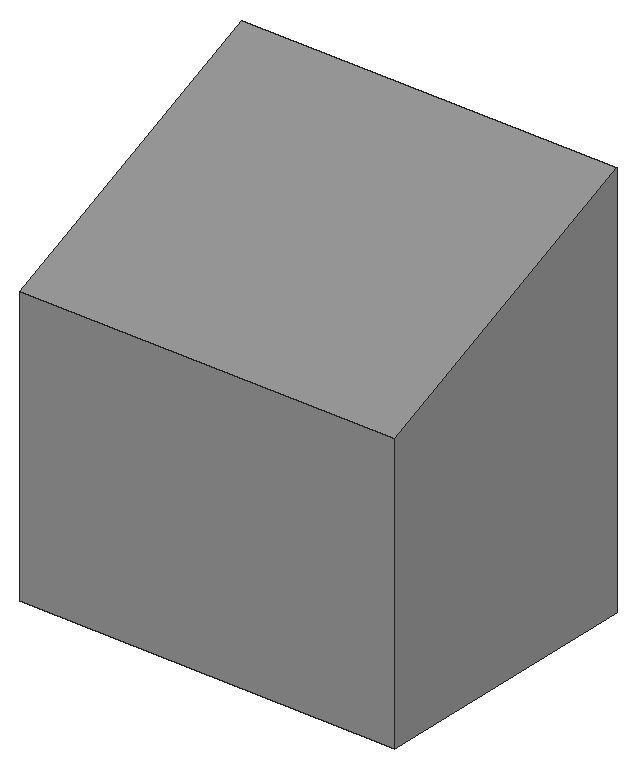
Revit family "AVLN_Ларь для грязного белья", category Мебель, Revit 2019
Family settings
  Номер OmniClass = 23.40.20.00
  Заголовок OmniClass = General Furniture and Specialties
  На основе рабочей плоскости = Нет
  Всегда вертикально = Да
  При загрузке вырезать с полостями = Нет
  Общий = Нет
  Точка расчета площади = Нет
Parameters (values of type "Ларь для грязного белья")
  Description = ""
  М.основы = Металл, окрашенный, белый, матовый
  Type Comments = ""
  Keynote = ""
  Manufacturer = ""
  Группа модели = "Оборудование поликлиники"
  Высота вспомогательная = ADSK_Размер_Высота - 260 mm  # 590 mm
  ADSK_Размер_Ширина = 590 mm
  ADSK_Размер_Длина = 800 mm
  ADSK_Размер_Высота = 850 mm
  ADSK_Примечание [instance] = ""
  ADSK_Обозначение = ""
  ADSK_Наименование = "Ларь для грязного белья, 800х590х850"
  ADSK_Масса = 0
  ADSK_Марка = ""
  ADSK_Код изделия = ""
  ADSK_Единица измерения = "шт"  # constant formula
Reference planes
  plane 1 "По центру (Вперед/Назад)": y = 0
  plane 2: z = 0
  plane 3 "По центру (Влево/Вправо)": x = 0
  plane 4: z = 850
  plane 5: y = 295
  plane 6: x = 400
  plane 7: x = -400
  plane 8: y = -295
  plane 9: y = -195
  plane 10: z = 590
Forms (mm)
  Extrusion 1, solid, material "Металл, окрашенный, белый, матовый" <- "М.основы"
    sketch origin (0, -518.993, 592.976) x (-1, 0, 0) y (0, -1, 0)
      loop
        line (-400, -813.993) -> (400, -813.993) -> (400, -223.993) -> (-400, -223.993) -> (-400, -813.993)
    from -592.976 to -2.976
  Extrusion 2, solid, material "Металл, окрашенный, белый, матовый" <- "М.основы"
    sketch origin (0, 0, 0) x (0, 1, 0) y (0, 0, 1)
      loop
        line (295, 590) -> (295, 850) -> (-295, 590) -> (295, 590)
    from -400 to 400
Cuts and joins
  joined: Extrusion 1, Extrusion 2
Lines and regions (mm)
  symbolic lines
    curve 1: line (-85, -183.364, 592.976) -> (85, -183.364, 592.976)
    curve 2: line (-85, -206.636, 592.976) -> (-85, -183.364, 592.976)
    curve 3: line (85, -206.636, 592.976) -> (-85, -206.636, 592.976)
    curve 4: line (85, -183.364, 592.976) -> (85, -206.636, 592.976)
Dimensions and locks
  plane 2 to plane 4 = 850 mm
  equal spacing: plane 8, plane 1 "По центру (Вперед/Назад)", plane 5
  equal spacing: plane 7, plane 3 "По центру (Влево/Вправо)", plane 6
  "ADSK_Размер_Длина": plane 7 to plane 6
  "ADSK_Размер_Ширина": plane 5 to plane 8
  "ADSK_Размер_Высота": plane 2 to plane 4
  locked: plane 9 to plane 8 at 100
  plane 5 to plane 9 to plane 8 = 490 mm, 100 mm
  locked: curve 4 to plane 6 at 315
  locked: plane 7 to curve 2 at 315
  equal spacing: curve 1, plane 9, curve 3
  "Высота вспомогательная": plane 2 to plane 10
  aligned and locked: level to plane 2
  aligned and locked: Extrusion 1 sketch curve to plane 5
  aligned and locked: Extrusion 1 sketch curve to plane 6
  aligned and locked: Extrusion 1 sketch curve to plane 8
  aligned and locked: Extrusion 1 sketch curve to plane 7
  aligned and locked: Extrusion 1 to plane 2
  aligned and locked: plane 10 to Extrusion 1
  aligned and locked: Extrusion 2 sketch curve to plane 5
  aligned and locked: Extrusion 2 sketch curve to plane 10
  aligned and locked: plane 8 to Extrusion 2 sketch curve
  aligned and locked: plane 4 to Extrusion 2 sketch curve
  aligned and locked: Extrusion 2 to plane 7
  aligned and locked: Extrusion 2 to plane 6
Automatic sketch dimensions
  plane 9 to curve 1 = 11.636 mm
